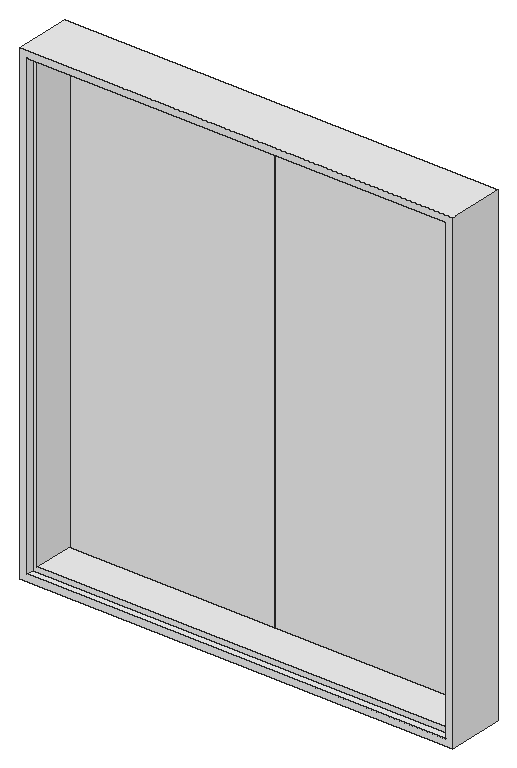
Revit family
Parameters
  프레임 투영 외부. = 25 mm
  프레임 투영 내부. = 25 mm
  프레임 폭 = 75 mm
  Height = 2200 mm
  Wall Closure = (empty or 0)
  Width = 2000 mm
  문 패널 = SD5 문 패널
  문 프레임 = SD5 문 프레임
Reference planes
  plane 1: y = 0
  plane 2 "중심(왼쪽/오른쪽)": x = 0
  plane 3 "왼쪽": x = -1000
  plane 4 "오른쪽": x = 1000
  plane 5: z = 2200
  plane 6 "외부": y = 100
  plane 7 "내부": y = -100
  plane 8: x = -970
  plane 9: x = 970
  plane 10: x = -950
  plane 11: x = 950
  plane 12: y = 130
  plane 13: y = -130
  plane 14: y = 95
  plane 15: y = -95
  plane 16: z = 900
  plane 17: x = 80
  plane 18: x = -80
  plane 19: x = 50
  plane 20: x = 110
  plane 21: x = -50
  plane 22: x = -110
  plane 23: z = 930
  plane 24: z = 870
  plane 25: z = 2170
  plane 26: z = 2150
  plane 27: z = 30
  plane 28: z = 50
  plane 29: z = 1100
Forms (mm)
  Sweep 1, solid, material "SD5 문 프레임" <- "문 프레임"
    path origin (2625, 130, 1200) x (1, 0, 0) y (0, 0, 1)
      loop
        line (-1625, -1200) -> (-1625, 1000) -> (-3625, 1000) -> (-3625, -1200) -> (-1625, -1200)
    profile origin (1000, 130, 0) x (0, -1, 0) y (1, 0, 0)
      loop
        line (0, 0) -> (0, -30) -> (35, -30) -> (35, -50) -> (225, -50) -> (225, -30) -> (260, -30) -> (260, 0) -> (0, 0)
  Extrusion 2, solid, material "SD5 문 패널" <- "문 패널"
    sketch origin (0, 0, 0) x (1, 0, 0) y (0, 1, 0)
      loop
        line (-970, 130) -> (-970, 95) -> (0, 95) -> (0, 130) -> (-970, 130)
    from 30 to 2170
  Extrusion 3, solid, material "SD5 문 패널" <- "문 패널"
    sketch origin (0, 0, 0) x (1, 0, 0) y (0, 1, 0)
      loop
        line (0, 95) -> (970, 95) -> (970, 130) -> (0, 130) -> (0, 95)
    from 30 to 2170
Lines and regions (mm)
  Opening 1
    outline origin (-3050, -100, 0) x (1, 0, 0) y (0, 0, 1)
      loop
        line (2050, 0) -> (4050, 0) -> (4050, 2200) -> (2050, 2200) -> (2050, 0)
  symbolic lines, style "평면 스윙"
    curve 1: line (970, 130, 0) -> (970, 1100, 0)
    curve 2: line (970, 1100, 0) -> (935, 1100, 0)
    curve 3: line (935, 1100, 0) -> (935, 130, 0)
    curve 4: line (935, 130, 0) -> (970, 130, 0)
    curve 5: arc (0, 130, 0) -> (271.622, 803.81, 0) -> (935, 1100, 0) r 970
    curve 6: line (-970, 130, 0) -> (-970, 1100, 0)
    curve 7: line (-970, 1100, 0) -> (-935, 1100, 0)
    curve 8: line (-935, 1100, 0) -> (-935, 130, 0)
    curve 9: line (-935, 130, 0) -> (-970, 130, 0)
    curve 10: arc (-935, 1100, 0) -> (-271.622, 803.81, 0) -> (0, 130, 0) r 970
  symbolic lines, style "Doors"
    curve 11: circle (-80, 130, 900) r 30 normal (0, -1, 0)
    curve 12: circle (80, 130, 900) r 30 normal (0, -1, 0)
    curve 13: line (80, 130, 840) -> (80, 130, 960)
    curve 14: line (-80, 130, 840) -> (-80, 130, 960)
    curve 15: line (20, 130, 900) -> (140, 130, 900)
    curve 16: line (-20, 130, 900) -> (-140, 130, 900)
  symbolic lines, style "입면도 스윙"
    curve 17: line (0, 130, 2170) -> (970, 130, 1100)
    curve 18: line (970, 130, 1100) -> (0, 130, 30)
    curve 19: line (0, 130, 30) -> (-970, 130, 1100)
    curve 20: line (-970, 130, 1100) -> (0, 130, 2170)
Text (mm)
  text "외부" at (-2295.016, 1099.543, 0), in view "참조 레벨"
  text "외부" at (0, 1615.38, 3698.081), in view "왼쪽"
  text "외부" at (0, 1036.032, 3874.932), in view "오른쪽"
Dimensions and locks
  equal spacing: plane 3 "왼쪽", plane 2 "중심(왼쪽/오른쪽)", plane 4 "오른쪽"
  "Width": plane 3 "왼쪽" to plane 4 "오른쪽"
  "Height": plane 5 to host wall
  host wall to plane 5 = 2200 mm  (x2)
  locked: plane 6 "외부" to host wall at 0
  locked: plane 7 "내부" to host wall
  plane 3 "왼쪽" to plane 8 to plane 10 = 30 mm locked, 20 mm locked
  plane 11 to plane 9 to plane 4 "오른쪽" = 20 mm locked, 30 mm locked
  plane 14 to plane 6 "외부" to plane 12 = 5 mm locked, 30 mm locked
  plane 15 to plane 7 "내부" to plane 13 = 5 mm locked, 30 mm locked
  plane 19 to plane 2 "중심(왼쪽/오른쪽)" to plane 21 = 50 mm, 50 mm
  plane 21 to plane 18 to plane 22 = 30 mm locked, 30 mm locked
  plane 20 to plane 17 to plane 19 = 30 mm locked, 30 mm locked
  plane 24 to plane 16 to plane 23 = 30 mm locked, 30 mm locked
  level to plane 27 to plane 28 = 30 mm locked, 20 mm locked
  locked: level to plane 16 at 900
  plane 26 to plane 25 to plane 5 = 20 mm locked, 30 mm locked
  equal spacing: level, plane 29, plane 5
  aligned and locked: plane 3 "왼쪽" to Opening 1 sketch curve
  aligned and locked: plane 5 to Opening 1 sketch curve  (x2)
  aligned and locked: Opening 1 sketch curve to plane 4 "오른쪽"
  aligned and locked: Opening 1 sketch curve to level
  aligned and locked: plane 1 to host wall
  aligned and locked: Sweep 1 sketch curve to host wall  (x3)
  aligned and locked: host wall to Sweep 1 sketch curve
  aligned and locked: Sweep 1 sketch curve to plane 4 "오른쪽"
  aligned and locked: Sweep 1 sketch curve to plane 13
  aligned and locked: plane 9 to Sweep 1 sketch curve  (x2)
  aligned and locked: Sweep 1 sketch curve to plane 15
  aligned and locked: plane 11 to Sweep 1 sketch curve
  aligned and locked: Sweep 1 sketch curve to plane 14
  aligned and locked: Sweep 1 sketch curve to plane 12
  aligned and locked: Sweep 1 to Extrusion 2 sketch curve
  aligned and locked: Extrusion 2 sketch curve to Sweep 1  (x2)
  aligned and locked: Extrusion 2 sketch curve to plane 2 "중심(왼쪽/오른쪽)"
  aligned and locked: Extrusion 3 sketch curve to Extrusion 2
  aligned and locked: Extrusion 2 to Extrusion 3 sketch curve
  aligned and locked: Sweep 1 to Extrusion 3 sketch curve
  aligned and locked: Extrusion 3 sketch curve to Sweep 1
  aligned and locked: Extrusion 2 to plane 25
  aligned and locked: Extrusion 3 to plane 25
  aligned and locked: Extrusion 3 to curve 5
  aligned and locked: plane 17 to curve 13
  aligned and locked: curve 13 to curve 14
  aligned and locked: plane 18 to curve 14
  aligned and locked: plane 16 to curve 16
  aligned and locked: Sweep 1 to curve 19
  aligned and locked: Extrusion 2 to plane 27
  aligned and locked: Extrusion 3 to plane 27
  aligned and locked: Extrusion 2 to curve 19
Automatic sketch dimensions
  curve 6 to plane 8 = 0 mm
  curve 8 to plane 12 = 0 mm
  curve 5 to plane 2 "중심(왼쪽/오른쪽)" = 0 mm
  curve 4 to plane 12 = 0 mm
  curve 2 to plane 9 = 0 mm
  curve 10 to plane 8 = 0 mm
  curve 8 to plane 10 = 15 mm
  plane 11 to curve 5 = 15 mm
  plane 9 to curve 5 = 0 mm
  curve 10 to plane 12 = 0.632 mm
  curve 5 to plane 12 = 0.632 mm
  curve 11 to plane 16 = 0 mm
  curve 11 to plane 18 = 0 mm
  curve 17 to plane 2 "중심(왼쪽/오른쪽)" = 0 mm
  curve 15 to plane 16 = 0 mm
  curve 12 to plane 16 = 0 mm
  curve 12 to plane 17 = 0 mm
  curve 18 to plane 9 = 0 mm
  curve 19 to plane 27 = 0 mm
  curve 18 to plane 29 = 0 mm
  curve 19 to plane 29 = 0 mm
  curve 20 to plane 25 = 0 mm
  curve 16 to plane 22 = 30 mm
  curve 16 to plane 2 "중심(왼쪽/오른쪽)" = 20 mm
  plane 2 "중심(왼쪽/오른쪽)" to curve 15 = 20 mm
  plane 20 to curve 15 = 30 mm
  curve 13 to plane 24 = 30 mm
  plane 23 to curve 14 = 30 mm
  plane 23 to curve 13 = 30 mm
  radius of curve 11 = 30 mm
  radius of curve 12 = 30 mm
